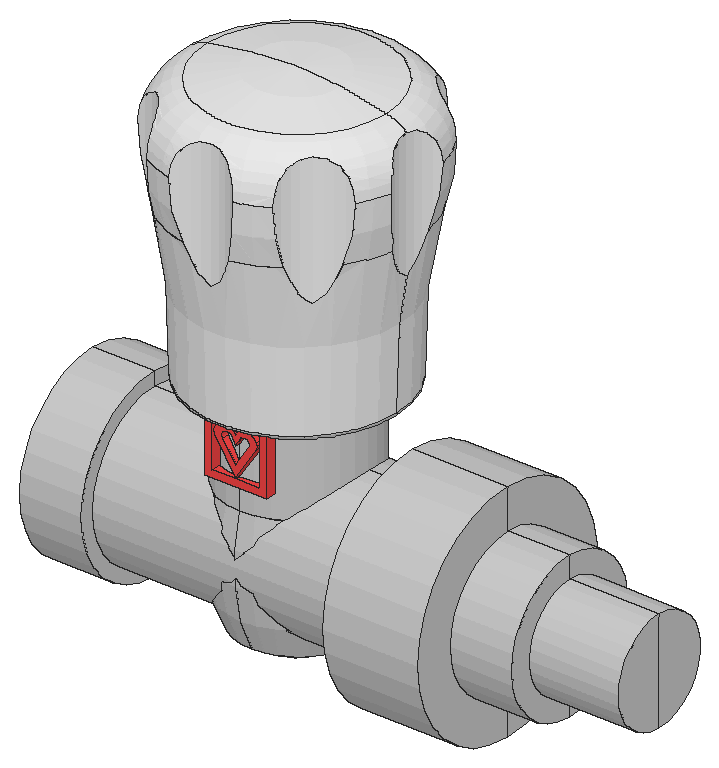
Revit family "GP Heizkörperregulierventil DG 5523", category Rohrzubehör, Revit 2018
Family settings
  Bemaßung runder Anschluss = Durchmesser verwenden
  Teiletyp = Unterbricht
  OmniClass-Nummer = 23.65.55.14
  OmniClass-Titel = Valves for Liquid Services
  Arbeitsebenenbasiert = Nein
  Immer vertikal = Ja
  Beim Laden mit Abzugskörper schneiden = Nein
  Gemeinsam genutzt = Nein
Parameters
  W01 = 60.00°  # constant formula
  URL = "www.herz-armaturen.at"
  SCRNSEQ = "ARM;ARM_TYP=\"ALLF\";2"
  SCRNCODE = "05;00;02"  # constant formula
  S04 = 45.000 mm  # constant formula
  S03 = 61.000 mm  # constant formula
  S02 [instance] = L05 + L06 + L07  # 53.300 mm
  S01 = 10.000 mm  # constant formula
  R05 = 25.000 mm  # constant formula
  R04 = 2.000 mm  # constant formula
  R03 = 28.000 mm  # constant formula
  R02 = 11.500 mm  # constant formula
  R01 = 10.500 mm  # constant formula
  Nennweite [instance] = 15.000 mm
  Medium = "Heizwasserqualität entsprechend ÖNORM H 5195 bzw. VDI-Richtllinie 2035."
  Max.Betriebstemperatur = 120 °C  # constant formula
  Max.Betriebsdruck = 1000000.0 Pa  # constant formula
  LO1 = 10.500 mm  # constant formula
  L07 [instance] = size_lookup("5523_", "L7", 1.000 mm, Nennweite)  # 22.300 mm
  L06 [instance] = size_lookup("5523_", "L6", 1.000 mm, Nennweite)  # 14.000 mm
  L05 [instance] = L02 - L04  # 17.000 mm
  L04 [instance] = size_lookup("5523_", "L4", 1.000 mm, Nennweite)  # 8.000 mm
  L03 [instance] = size_lookup("5523_", "L3", 1.000 mm, Nennweite)  # 9.000 mm
  L02 [instance] = size_lookup("5523_", "L2", 1.000 mm, Nennweite)  # 25.000 mm
  L01 [instance] = size_lookup("5523_", "L1", 1.000 mm, Nennweite)  # 30.000 mm
  Hersteller = "HERZ Armaturen Ges.m.b.H."  # constant formula
  Handrad = "Kunststoff, weiß"  # constant formula
  H02 = 25.500 mm  # constant formula
  H01 = 17.000 mm  # constant formula
  Gehäuse = "vernickeltes Messing"  # constant formula
  GTI [instance] = size_lookup("5523_", "GT1", 1.000 mm, Nennweite)  # 13.200 mm
  GT [instance] = size_lookup("5523_", "GT", 1.000 mm, Nennweite)  # 9.500 mm
  G2 [instance] = Nennweite / 2  # 7.500 mm
  G1 [instance] = Nennweite / 2  # 7.500 mm
  D05 [instance] = size_lookup("5523_", "D5", 1.000 mm, Nennweite)  # 10.650 mm
  D04 [instance] = size_lookup("5523_", "D4", 1.000 mm, Nennweite)  # 16.500 mm
  D03 [instance] = size_lookup("5523_", "D3", 1.000 mm, Nennweite)  # 9.525 mm
  D02 [instance] = size_lookup("5523_", "D2", 1.000 mm, Nennweite)  # 11.500 mm
  D01 [instance] = size_lookup("5523_", "D1", 1.000 mm, Nennweite)  # 13.500 mm
  Bestellnummer [instance] = size_lookup("5523_", "Artnr", 0, Nennweite)  # 1552321
  Ausführungen = "Universalmodelle mit Spezialmuffen für Gewinderohr und Klemmsetanschluss, vernickelt."
Reference planes
  plane 1 "Mitte (Vorne/hinten)": y = 0
  plane 2: z = 0
  plane 3 "Mitte (Links/rechts)": x = 0
Forms (mm)
  Revolve 1, solid, material "Messing, weicher Gelbton, geschweißt", detail levels fine
    sketch origin (0, 0, 0) x (1, 0, 0) y (0, 0, 1)
      loop
        line (-20.5, 0) -> (25, 0) -> (25, 9.525) -> (17, 9.525) -> (17, 11.5) -> (-21, 11.5) -> (-21, 13.5) -> (-30, 13.5) -> (-30, 7.5) -> (-20.5, 7.5) -> (-20.5, 0)
      axis (-30, 0) -> (25, 0)
    angle from 0 to 360
  Revolve 2, solid, material "Messing, weicher Gelbton, geschweißt", detail levels fine
    sketch origin (0, 0, 0) x (0, 1, 0) y (0, 0, 1)
      loop
        line (0, 25.5) -> (-10.5, 25.5) -> (-10.5, 7)
        arc (-10.5, 7) -> (-11.341, -2.816) -> (-8.325, -12.194) r 25
        line (-8.325, -12.194) -> (0, -17) -> (0, 25.5)
      axis (0, -17) -> (0, 25.5)
    angle from 0 to 360
  Revolve 3, solid, material "Messing, weicher Gelbton, geschweißt", detail levels fine
    sketch origin (0, 0, 0) x (1, 0, 0) y (0, 0, 1)
      loop
        line (25, 0) -> (53.3, 0) -> (53.3, 7.5) -> (40.1, 7.5) -> (40.1, 10.65) -> (31, 10.65) -> (31, 16.5) -> (17, 16.5) -> (17, 9.525) -> (25, 9.525) -> (25, 0)
      axis (17, 0) -> (53.3, 0)
    angle from 0 to 360
Lines and regions (mm)
  model lines, detail levels coarse+medium
    curve 1: line (-30, 0, 13.5) -> (-30, 0, -13.5)
    curve 2: line (-30, 0, -13.5) -> (30, 0, 13.5)
    curve 3: line (30, 0, 13.5) -> (30, 0, -13.5)
    curve 4: line (30, 0, -13.5) -> (-30, 0, 13.5)
    curve 5: line (30, 0, 13.5) -> (40, 0, 13.5)
    curve 6: line (40, 0, 13.5) -> (30, 0, 0)
    curve 7: line (30, 0, -13.5) -> (40, 0, -13.5)
    curve 8: line (40, 0, -13.5) -> (30, 0, 0)
    curve 9: line (30, 0, 0) -> (53.3, 0, 0)
    curve 10: line (0, 0, 0) -> (0, 0, 61)
    curve 11: line (-22.5, 0, 61) -> (22.5, 0, 61)
    curve 12: line (-30, 13.5, 0) -> (-30, -13.5, 0)
    curve 13: line (-30, -13.5, 0) -> (30, 13.5, 0)
    curve 14: line (30, 13.5, 0) -> (30, -13.5, 0)
    curve 15: line (30, -13.5, 0) -> (-30, 13.5, 0)
    curve 16: line (0, 0, 0) -> (0, 61, 0)
    curve 17: line (-22.5, 61, 0) -> (22.5, 61, 0)
    curve 18: line (30, 13.5, 0) -> (40, 13.5, 0)
    curve 19: line (40, 13.5, 0) -> (30, 0, 0)
    curve 20: line (30, -13.5, 0) -> (40, -13.5, 0)
    curve 21: line (40, -13.5, 0) -> (30, 0, 0)
Dimensions and locks
  "L01": Revolve 1 sketch curve to plane 3 "Mitte (Links/rechts)"
  "L02": Revolve 1 sketch curve to plane 3 "Mitte (Links/rechts)"
  "G1": Revolve 1 sketch curve to plane 2
  "GT": Revolve 1 sketch curve to Revolve 1 sketch curve
  "D01": Revolve 1 sketch curve to Revolve 1 sketch curve
  "D02": Revolve 1 sketch curve to Revolve 1 sketch curve
  "D03": Revolve 1 sketch curve to Revolve 1 sketch curve
  "L03": Revolve 1 sketch curve to Revolve 1 sketch curve
  "L04": Revolve 1 sketch curve to Revolve 1 sketch curve
  "H01": plane 2 to Revolve 2 sketch curve
  "H02": Revolve 2 sketch curve to plane 2
  "R01": Revolve 2 sketch curve to plane 1 "Mitte (Vorne/hinten)"
  "R02": Revolve 2 sketch curve to plane 1 "Mitte (Vorne/hinten)"
  "D03": Revolve 3 sketch curve to plane 2
  "L04": Revolve 3 sketch curve to Revolve 3 sketch curve
  "L05": Revolve 3 sketch curve to plane 3 "Mitte (Links/rechts)"
  "L06": Revolve 3 sketch curve to Revolve 3 sketch curve
  "L07": Revolve 3 sketch curve to Revolve 3 sketch curve
  "D04": Revolve 3 sketch curve to Revolve 3 sketch curve
  "G2": Revolve 3 sketch curve to Revolve 3 sketch curve
  "D05": Revolve 3 sketch curve to Revolve 3 sketch curve
  "GTI": Revolve 3 sketch curve to Revolve 3 sketch curve
  "LO1": nested 2 to plane 2
  "LO1": nested 1 to nested 2
  "D01": curve 4 to plane 2 to curve 2
  "D01": curve 3 to plane 2 to curve 4
  "L01": curve 1 to plane 3 "Mitte (Links/rechts)" to curve 3
  "S01": curve 3 to curve 6
  "S02": curve 9 to plane 3 "Mitte (Links/rechts)"
  "S03": curve 10 to plane 2
  equal spacing: curve 11, curve 10, curve 11
  "S04": curve 11 to curve 11
  "L01": curve 12 to plane 3 "Mitte (Links/rechts)" to curve 14
  "D01": curve 13 to plane 1 "Mitte (Vorne/hinten)" to curve 15
  "D01": curve 15 to plane 1 "Mitte (Vorne/hinten)" to curve 14
  "S03": plane 1 "Mitte (Vorne/hinten)" to curve 16
  equal spacing: curve 17, plane 3 "Mitte (Links/rechts)", curve 17
  "S04": curve 17 to curve 17
  "S01": curve 14 to curve 19
  "S01": curve 14 to curve 21
  "R05": radius of Revolve 2 sketch curve
  "W01": angle Revolve 2 sketch curve to Revolve 2 sketch curve
  aligned and locked: level to plane 2
Automatic sketch dimensions
  curve 10 to level = 0.000 mm
  curve 9 to level = 0.000 mm
  curve 3 to curve 7 = 10.000 mm
  curve 16 to plane 3 "Mitte (Links/rechts)" = 0.000 mm
  plane 1 "Mitte (Vorne/hinten)" to curve 19 = 0.000 mm
  Revolve 1 sketch curve to level = 0.000 mm  (x2)
  Revolve 1 sketch curve to Revolve 1 sketch curve = 1436.530 mm
  Revolve 1 sketch curve to Revolve 1 sketch curve = 1779.148 mm
  Revolve 2 sketch curve to plane 1 "Mitte (Vorne/hinten)" = 0.000 mm  (x2)
  Revolve 2 sketch curve to level = 0.000 mm
  Revolve 2 sketch curve to Revolve 2 sketch curve = 98.333 mm
  Revolve 2 sketch curve to Revolve 2 sketch curve = 1236.335 mm
  Revolve 3 sketch curve to level = 0.000 mm  (x2)
  Revolve 3 sketch curve to plane 3 "Mitte (Links/rechts)" = 1506.530 mm
  Revolve 3 sketch curve to Revolve 3 sketch curve = 1789.648 mm
Nested families
  nested 1: "Handrad-Heizkörperventile" at (0, 0, 20), type "Handrad-Heizkörperventile", detail levels fine
  nested 2: "Herz-Logo-vorne" at (0, -10.5, 15) x (0, 1, 0) z (0, 0, 1), type "Herz-Logo-vorne", detail levels fine
Connectors
  piping at (-20.5, 0, 0), diameter 15, driven by "Nennweite"
    settings: on Revolve 1, index 1, connector inside diameter 609.6 mm, connector length 0.000 mm, flow factor 0, pipe flow 0.0 L/s, pressure drop 0.0 Pa, fitting loss kfactor 0, connector angle 0.00°, fixture units 0, engagement length 0.000 mm, angle of deflection 0.00°, flow configuration 0, flow direction 1, fitting loss method 0, system type 7, joint type 0, gender type 0, connector reference index -1, connector utility 0, adjustable connector no, is connector primary yes, connector description ""
  piping at (53.3, 0, 0), diameter 15, driven by "Nennweite"
    settings: on Revolve 3, index 2, connector inside diameter 609.6 mm, connector length 0.000 mm, flow factor 0, pipe flow 0.0 L/s, pressure drop 0.0 Pa, fitting loss kfactor 0, connector angle 0.00°, fixture units 0, engagement length 0.000 mm, angle of deflection 0.00°, flow configuration 0, flow direction 2, fitting loss method 0, system type 7, joint type 0, gender type 0, connector reference index -1, connector utility 0, adjustable connector no, is connector primary no, connector description ""
Definition of nested family "Handrad-Heizkörperventile"
  Parameters (values of type "Handrad-Heizkörperventile")
    T01 = 5.500 mm  # constant formula
    R01 = 10.500 mm  # constant formula
  Reference planes
    plane 1 "Mitte (Vorne/hinten)": y = 0
    plane 2: z = 0
    plane 3 "Mitte (Links/rechts)": x = 0
  Forms (mm)
    Revolve 1, solid, detail levels fine
      sketch origin (0, 0, 0) x (1, 0, 0) y (0, 0, 1)
        loop
          line (10.5, 0) -> (14.25, 0)
          arc (14.25, 0) -> (14.604, 0.146) -> (14.75, 0.5) r 0.5
          arc (14.75, 0.5) -> (15.098, 12.356) -> (17.195, 24.03) r 80
          arc (17.195, 24.03) -> (18.172, 28.281) -> (18.5, 32.63) r 29
          arc (18.5, 32.63) -> (17.011, 36.946) -> (13.177, 39.426) r 7
          arc (13.177, 39.426) -> (6.637, 40.626) -> (0, 41.028) r 55
          line (0, 41.028) -> (0, 5.5) -> (10.5, 5.5) -> (10.5, 0)
        axis (0, 41.028) -> (0, 0)
      angle from 0 to 360
    Extrusion 2, void
      sketch origin (0, 0, 0) x (1, 0, 0) y (0, 1, 0)
        loop
          arc (-16.011, 9.268) -> (-11.314, 11.314) -> (-9.268, 16.011) r 7
          arc (-9.268, 16.011) -> (-13.081, 13.081) -> (-16.011, 9.268) r 18.5
        loop
          arc (16.011, 9.268) -> (13.081, 13.081) -> (9.268, 16.011) r 18.5
          arc (9.268, 16.011) -> (11.314, 11.314) -> (16.011, 9.268) r 7
        loop
          arc (-16.011, -9.268) -> (-13.081, -13.081) -> (-9.268, -16.011) r 18.5
          arc (-9.268, -16.011) -> (-11.314, -11.314) -> (-16.011, -9.268) r 7
        loop
          arc (16.011, -9.268) -> (11.314, -11.314) -> (9.268, -16.011) r 7
          arc (9.268, -16.011) -> (13.081, -13.081) -> (16.011, -9.268) r 18.5
        loop
          arc (17.953, 4.58) -> (16.078, -0.188) -> (17.953, -4.956) r 7
          arc (17.953, -4.956) -> (18.578, -0.188) -> (17.953, 4.58) r 18.5
        loop
          arc (-17.953, 4.58) -> (-18.578, -0.188) -> (-17.953, -4.956) r 18.5
          arc (-17.953, -4.956) -> (-16.078, -0.188) -> (-17.953, 4.58) r 7
        loop
          arc (-4.58, 17.953) -> (0.188, 16.078) -> (4.956, 17.953) r 7
          arc (4.956, 17.953) -> (0.188, 18.578) -> (-4.58, 17.953) r 18.5
        loop
          arc (-4.58, -17.953) -> (0.188, -18.578) -> (4.956, -17.953) r 18.5
          arc (4.956, -17.953) -> (0.188, -16.078) -> (-4.58, -17.953) r 7
      from 15.609 to 43.011
  Cuts and joins
    Extrusion 2 cuts Revolve 1
  Dimensions and locks
    "R01": Revolve 1 sketch curve to Revolve 1 sketch curve
    Revolve 1 sketch curve to plane 3 "Mitte (Links/rechts)" = 14.750 mm
    "T01": Revolve 1 sketch curve to Revolve 1 sketch curve
    aligned and locked: level to plane 2
  Automatic sketch dimensions
    Extrusion 2 sketch curve to Extrusion 2 sketch curve = 0.000 mm  (x14)
    plane 1 "Mitte (Vorne/hinten)" to Extrusion 2 sketch curve = 0.000 mm
    Extrusion 2 sketch curve to plane 3 "Mitte (Links/rechts)" = 0.000 mm
    Extrusion 2 sketch curve to plane 3 "Mitte (Links/rechts)" = 0.078 mm
    Extrusion 2 sketch curve to plane 3 "Mitte (Links/rechts)" = 16.263 mm  (x2)
    plane 1 "Mitte (Vorne/hinten)" to Extrusion 2 sketch curve = 0.188 mm  (x2)
    Extrusion 2 sketch curve to Extrusion 2 sketch curve = 6.815 mm  (x4)
    plane 3 "Mitte (Links/rechts)" to Extrusion 2 sketch curve = 0.078 mm
    plane 3 "Mitte (Links/rechts)" to Extrusion 2 sketch curve = 0.188 mm  (x2)
    plane 1 "Mitte (Vorne/hinten)" to Extrusion 2 sketch curve = 0.078 mm
    Extrusion 2 sketch curve to Extrusion 2 sketch curve = 0.110 mm  (x2)
    Extrusion 2 sketch curve to plane 1 "Mitte (Vorne/hinten)" = 0.078 mm
    plane 3 "Mitte (Links/rechts)" to Extrusion 2 sketch curve = 16.263 mm  (x2)
    plane 1 "Mitte (Vorne/hinten)" to Extrusion 2 sketch curve = 16.263 mm  (x2)
    Extrusion 2 sketch curve to plane 1 "Mitte (Vorne/hinten)" = 16.263 mm  (x2)
    Extrusion 2 sketch curve to plane 3 "Mitte (Links/rechts)" = 4.580 mm  (x2)
    Extrusion 2 sketch curve to Extrusion 2 sketch curve = 4.688 mm  (x2)
    Extrusion 2 sketch curve to Extrusion 2 sketch curve = 0.252 mm  (x4)
    Extrusion 2 sketch curve to Extrusion 2 sketch curve = 1.942 mm  (x4)
    Extrusion 2 sketch curve to Extrusion 2 sketch curve = 4.312 mm  (x4)
    Revolve 1 sketch curve to plane 3 "Mitte (Links/rechts)" = 0.000 mm  (x2)
    Revolve 1 sketch curve to level = 0.000 mm
    Revolve 1 sketch curve to plane 3 "Mitte (Links/rechts)" = 10.500 mm
    plane 3 "Mitte (Links/rechts)" to Revolve 1 sketch curve = 11.500 mm
    Revolve 1 sketch curve to Revolve 1 sketch curve = 0.500 mm
    level to Revolve 1 sketch curve = 4.086 mm
    Revolve 1 sketch curve to Revolve 1 sketch curve = 79.920 mm
    Revolve 1 sketch curve to level = 13.972 mm
    Revolve 1 sketch curve to Revolve 1 sketch curve = 27.130 mm
    Revolve 1 sketch curve to Revolve 1 sketch curve = 8.398 mm
    Revolve 1 sketch curve to Revolve 1 sketch curve = 0.000 mm
    Revolve 1 sketch curve to Revolve 1 sketch curve = 1.305 mm
    Revolve 1 sketch curve to Revolve 1 sketch curve = 352.073 mm
    Revolve 1 sketch curve to Revolve 1 sketch curve = 2173.287 mm
Definition of nested family "Herz-Logo-vorne"
  Reference planes
    plane 1 "Mitte (Vorne/hinten)": y = 0
    plane 2: z = 0
    plane 3 "Mitte (Links/rechts)": x = 0
  Forms (mm)
    Extrusion 1, solid
      sketch origin (0.732, -0.018, 0.017) x (0, -1, 0) y (0, 0, 1)
        loop
          line (-0.018, -4.517) -> (4.482, -4.517) -> (4.482, 4.483) -> (-4.518, 4.483) -> (-4.518, -4.517) -> (-0.018, -4.517)
        loop
          line (-0.05, -3.48) -> (3.482, -3.48) -> (3.482, 3.483) -> (-3.518, 3.483) -> (-3.518, -3.48) -> (-0.05, -3.48)
        loop
          arc (-0.018, 2.383) -> (-1.543, 3.287) -> (-3.067, 2.383) r 1.738
          arc (-3.067, 2.383) -> (-3.191, 1.899) -> (-3.067, 1.415) r 1.009
          line (-3.067, 1.415) -> (-0.018, -3.281) -> (3.032, 1.415)
          arc (3.032, 1.415) -> (3.156, 1.899) -> (3.032, 2.383) r 1.009
          arc (3.032, 2.383) -> (1.507, 3.287) -> (-0.018, 2.383) r 1.738
        loop
          arc (1.885, 1.272) -> (2.005, 1.675) -> (1.885, 2.079) r 0.74
          arc (1.885, 2.079) -> (1.265, 2.416) -> (0.644, 2.079) r 0.74
          line (0.644, 2.079) -> (-0.018, 0.97) -> (-0.679, 2.079)
          arc (-0.679, 2.079) -> (-1.3, 2.416) -> (-1.921, 2.079) r 0.74
          arc (-1.921, 2.079) -> (-2.04, 1.675) -> (-1.921, 1.272) r 0.74
          line (-1.921, 1.272) -> (-0.018, -1.658) -> (1.885, 1.272)
      from 0 to 1.5
  Dimensions and locks
    aligned and locked: level to plane 2
